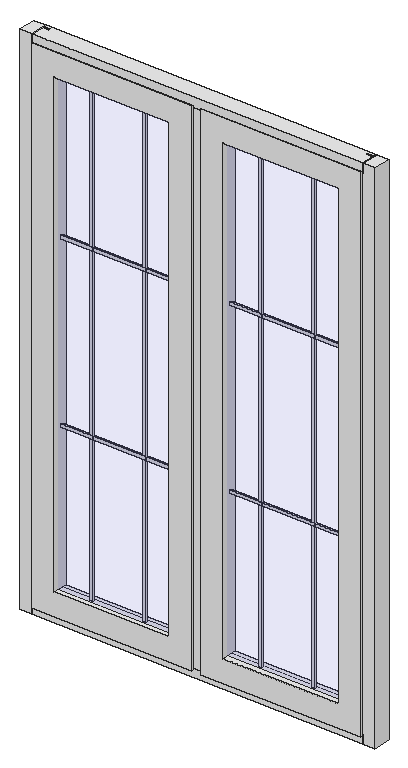
Revit family "Door_Curtain_Wall-Outswing-Traco-NX-8910-Double_Panel", category Curtain Panels, Revit 2015
Parameters (values of type "NX-8910 - Double_Panel")
  Water Resistance = 15.0000 psf
  Uniform Load Structural = 75.0000 psf
  Uniform Load Deflection = 50.0000 psf
  Product data url = "https://bimobject.com/kawneerna/product/89101"
  Product Page URL = "http://www.alcoa.com/traco/en/product.asp?cat_id=1912&prod_id=4259"
  Product Documentation Link = "http://www.alcoa.com/traco/en/cad_spec.asp?cat_id=1912&prod_id=4259&area=prod"
  Panel Width [instance] = (Door Width / 2) - 0' 3 1/4"  # 2' - 5.50106"
  Panel Material [instance] = Aluminum - Traco - Anodized - Gray
  Panel Height [instance] = Door Height - 0' 2 1/2"  # 7' - 9 1/2"
  Muntin Type = Muntin-Grid-Traco-Lites : Interior
  Has Muntins [instance] = yes
  Glass Material [instance] = Glass - Traco - Clear
  Frame Material [instance] = Aluminum - Traco - Anodized - Gray
  Door Width [instance] = if(CTRL Opening Width < Door Width Minimum, Door Width Minimum, if(CTRL Opening Width > Door Width Maximum, Door Width Maximum, CTRL Opening Width))  # 5' - 5.50212"
  Door Height [instance] = if(CTRL Opening Height < Door Height Minimum, Door Height Minimum, if(CTRL Opening Height > Door Height Maximum, Door Height Maximum, CTRL Opening Height))  # 8' - 0"
  Door Base = 0' - 1 1/8"
  Copyright © = "2011 Traco"  # constant formula
  CTRL Opening Width [instance] = 5' - 5.50212"
  URL = "http://www.alcoa.com/traco/en/home.asp"
  U Factor = "0.40*"
  Type Comments = "Outswing Two Panel"
  Test Size = "48\" X 96\""
  Model = "NX-8910"
  Manufacturer = "Traco"  # constant formula
  CTRL Opening Height [instance] = 8' - 0"
  Forced Entry Resistance = ""
  Door Width Minimum [instance] = 4' - 0"
  Door Width Maximum [instance] = 8' - 0"
  Door Swing Angle [instance] = 90.00°
  Door Height Minimum = 6' - 0"
  Door Height Maximum = 8' - 0"
  Designation = "AAMA/WDMA/CSA 101/I.S.2/A-440-05: HS-C50 And AAMA/WDMA/CSA 101/I.S.2/A-440-08:AW-PG50-ATD"
  Description = "2 Panel"
  Condensation Resistance = "48"
  Assembly Code = "B2020220"
  Allowable Air Infiltration Maximum = "0.1 @ 6.2 PSF"
Reference planes (in)
  plane 1 "Front": y = 0
  plane 2 "Bottom": z = 0
  plane 3 "Center (Left/Right)": x = 0
  plane 4 "Left": x = -32.75106
  plane 5 "Right": x = 32.75106
  plane 6 "Top": z = 96
  plane 7 "Door Base": z = 1.125
  plane 8: y = 1.25
  plane 9 "Left Panel Left": x = -30.50106
  plane 10 "Right Panel Right": x = 30.50106
  plane 11 "Stop Front": y = 2.5
  plane 12 "Left Panel Right": x = -0.875
  plane 13 "Right Panel Left": x = 0.875
Text (in)
  text "Exterior" at (-54.29358, -23.61257, 0), in view "Ref. Level"
  text "Exterior" at (480, 41.53993, 89.60405), in view "Right"
  text "Exterior" at (-240, 57.82419, 105.78864), in view "Left"
Dimensions and locks (in)
  equal spacing: plane 4 "Left", plane 3 "Center (Left/Right)", plane 5 "Right"
  "Door Base": plane 2 "Bottom" to plane 7 "Door Base"
  "CTRL Opening Width": plane 4 "Left" to plane 5 "Right"
  "CTRL Opening Height": plane 6 "Top" to plane 2 "Bottom"
  locked: plane 4 "Left" to plane 9 "Left Panel Left" at 2.25
  locked: plane 10 "Right Panel Right" to plane 5 "Right" at 2.25
  locked: plane 1 "Front" to plane 11 "Stop Front" at 2.5
  locked: plane 1 "Front" to plane 8 at 1.25
  locked: plane 3 "Center (Left/Right)" to plane 12 "Left Panel Right" at 0.875
  locked: plane 13 "Right Panel Left" to plane 3 "Center (Left/Right)" at 0.875
  aligned and locked: level to plane 2 "Bottom"
  aligned: nested 1 to nested 2
  aligned and locked: nested 1 to plane 7 "Door Base"
  aligned and locked: plane 7 "Door Base" to nested 1
  aligned and locked: plane 7 "Door Base" to nested 3
  aligned and locked: plane 3 "Center (Left/Right)" to nested 2
  aligned and locked: plane 7 "Door Base" to nested 4
  aligned and locked: plane 7 "Door Base" to nested 7
  aligned and locked: plane 7 "Door Base" to nested 5
  aligned and locked: plane 7 "Door Base" to nested 9
  aligned and locked: plane 7 "Door Base" to nested 10
  aligned and locked: plane 7 "Door Base" to nested 12
  aligned and locked: nested 9 to nested 3
  aligned and locked: nested 3 to nested 3
  aligned and locked: nested 11 to nested 3
  aligned and locked: nested 4 to nested 1
  aligned and locked: nested 1 to nested 8
  aligned and locked: nested 1 to nested 1
  aligned and locked: plane 1 "Front" to nested 2
  aligned: nested 1 to plane 9 "Left Panel Left"
  aligned and locked: plane 11 "Stop Front" to nested 1
  aligned: plane 10 "Right Panel Right" to nested 3
  aligned and locked: nested 3 to plane 11 "Stop Front"
  aligned and locked: plane 12 "Left Panel Right" to nested 1
  aligned and locked: nested 3 to plane 13 "Right Panel Left"
Nested families (in)
  nested 1: "Door-Glass_Panel-Traco-(TR-8910)" at (5.62394, 2.5, 1.125) x (-1, 0, 0) z (0, 0, 1), Width <- "Panel Width", Height <- "Panel Height", Panel Material <- "Panel Material", Glass Material <- "Glass Material", Angle <- "Door Swing Angle", type "S"
    with built-in parameter 1001301 2' - 5.50106", built-in parameter 1001302 0' - 2 3/4", Panel Offset 0' - 4 1/4", Panel Material Aluminum - Traco - Anodized - Gray, Panel Finish none, Hidden Swing Angle 90.00°, built-in parameter 1001300 7' - 9 1/2", Glazing Thickness 0' - 1", Glazing "Low E-Argon", Glass Material Glass - Traco - Clear, Elevation Swing yes, Angle 90.00°
  nested 2: "Door_Frame-Outswing-Traco-(NX-8910)-Double_Panel" at (-24, 1.625, 0), type "Standard Sill"
    with Door Width 5' - 5.50212"
  nested 3: "Door-Glass_Panel-Traco-(TR-8910)" at (-5.62394, 2.5, 1.125), Width <- "Panel Width", Height <- "Panel Height", Panel Material <- "Panel Material", Glass Material <- "Glass Material", Angle <- "Door Swing Angle", type "S"
    with built-in parameter 1001301 2' - 5.50106", built-in parameter 1001302 0' - 2 3/4", Panel Offset 0' - 4 1/4", Panel Material Aluminum - Traco - Anodized - Gray, Panel Finish none, Hidden Swing Angle 90.00°, built-in parameter 1001300 7' - 9 1/2", Glazing Thickness 0' - 1", Glazing "Low E-Argon", Glass Material Glass - Traco - Clear, Elevation Swing yes, Angle 90.00°
  nested 4: "Muntin-Grid-Traco-Lites" at (-15.62553, 1.25, 47.875) x (-1, 0, 0) z (0, -1, 0), type <- "Muntin Type", Sash Height <- "Panel Height", Length <- "Panel Width", visible <- "Has Muntins", type "Interior"
    with Sash Height 7' - 9 1/2", Material Aluminum - Traco - Anodized - Gray, Length 2' - 5.50106", Glazing Thickness 0' - 0 7/8", CTRL Muntin Vertical Distance 2' - 7.16667", CTRL Muntin Horizontal Distance 0' - 9.83369", CTRL Face Offset 0' - 0 1/4", CTRL Bar Vertical Visibility no, CTRL Bar Horizontal Visibility no, CTRL Array Vertical Visibility yes, CTRL Array Horizontal Visibility yes, Has Interior Muntins yes, Has Exterior Muntins no
  nested 5: "Muntin-Trapezoid-Traco-Single" at (-20.54237, 1.4375, 47.875) x (0, 0, -1) z (0, -1, 0), type "Standard Colonial"
    with Material Aluminum - Traco - Anodized - Gray, Length 7' - 9 1/2", Width Top 0' - 0 9/16", Width Base 0' - 0 9/16", Height 0' - 0 5/16"
  nested 6: "Muntin-Trapezoid-Traco-Single" at (-15.62553, 1.4375, 63.45833) x (1, 0, 0) z (0, -1, 0), type "Standard Colonial"
    with Material Aluminum - Traco - Anodized - Gray, Length 2' - 5.50106", Width Top 0' - 0 9/16", Width Base 0' - 0 9/16", Height 0' - 0 5/16"
  nested 7: "Muntin-Trapezoid-Traco-Single" at (-10.70869, 1.4375, 47.875) x (0, 0, -1) z (0, -1, 0), type "Standard Colonial"
    with Material Aluminum - Traco - Anodized - Gray, Length 7' - 9 1/2", Width Top 0' - 0 9/16", Width Base 0' - 0 9/16", Height 0' - 0 5/16"
  nested 8: "Muntin-Trapezoid-Traco-Single" at (-15.62553, 1.4375, 32.29167) x (1, 0, 0) z (0, -1, 0), type "Standard Colonial"
    with Material Aluminum - Traco - Anodized - Gray, Length 2' - 5.50106", Width Top 0' - 0 9/16", Width Base 0' - 0 9/16", Height 0' - 0 5/16"
  nested 9: "Muntin-Grid-Traco-Lites" at (15.62553, 1.25, 47.875) x (-1, 0, 0) z (0, -1, 0), type <- "Muntin Type", Sash Height <- "Panel Height", Length <- "Panel Width", visible <- "Has Muntins", type "Interior"
    with Sash Height 7' - 9 1/2", Material Aluminum - Traco - Anodized - Gray, Length 2' - 5.50106", Glazing Thickness 0' - 0 7/8", CTRL Muntin Vertical Distance 2' - 7.16667", CTRL Muntin Horizontal Distance 0' - 9.83369", CTRL Face Offset 0' - 0 1/4", CTRL Bar Vertical Visibility no, CTRL Bar Horizontal Visibility no, CTRL Array Vertical Visibility yes, CTRL Array Horizontal Visibility yes, Has Interior Muntins yes, Has Exterior Muntins no
  nested 10: "Muntin-Trapezoid-Traco-Single" at (10.70869, 1.4375, 47.875) x (0, 0, -1) z (0, -1, 0), type "Standard Colonial"
    with Material Aluminum - Traco - Anodized - Gray, Length 7' - 9 1/2", Width Top 0' - 0 9/16", Width Base 0' - 0 9/16", Height 0' - 0 5/16"
  nested 11: "Muntin-Trapezoid-Traco-Single" at (15.62553, 1.4375, 63.45833) x (1, 0, 0) z (0, -1, 0), type "Standard Colonial"
    with Material Aluminum - Traco - Anodized - Gray, Length 2' - 5.50106", Width Top 0' - 0 9/16", Width Base 0' - 0 9/16", Height 0' - 0 5/16"
  nested 12: "Muntin-Trapezoid-Traco-Single" at (20.54237, 1.4375, 47.875) x (0, 0, -1) z (0, -1, 0), type "Standard Colonial"
    with Material Aluminum - Traco - Anodized - Gray, Length 7' - 9 1/2", Width Top 0' - 0 9/16", Width Base 0' - 0 9/16", Height 0' - 0 5/16"
  nested 13: "Muntin-Trapezoid-Traco-Single" at (15.62553, 1.4375, 32.29167) x (1, 0, 0) z (0, -1, 0), type "Standard Colonial"
    with Material Aluminum - Traco - Anodized - Gray, Length 2' - 5.50106", Width Top 0' - 0 9/16", Width Base 0' - 0 9/16", Height 0' - 0 5/16"
Definition of nested family "Door-Glass_Panel-Traco-(TR-8910)"
  Parameters
    Width [instance] = 3' - 0"
    Visible Light Transmission = 0
    URL = "www.integratedcontentsolutions.com"
    U Value = 0
    Type Comments = "Panel theory and model developed by Integrated Content Solutions"  # constant formula
    Thickness [instance] = 0' - 2 3/4"
    Stile Right = 0' - 4 1/8"
    Stile Left = 0' - 4 1/8"
    Solar Heat Gain Coefficient = 0
    Rail Head = 0' - 4 1/8"
    Rail Bottom = 0' - 4 1/8"
    R Value = 0
    Product Documentation Link = "www.integratedcontentsolutions.com"
    Panel Offset [instance] = 0' - 4 1/4"
    Panel Material [instance] = none
    Panel Finish [instance] = none
    Manufacturer = "Integrated Content Solutions"  # constant formula
    LEED Credit = ""
    Hidden Swing Angle [instance] = 90.00°
    Height [instance] = 7' - 0"
    Glazing Thickness [instance] = 0' - 1"
    Glazing [instance] = "Low E-Argon"
    Glass Material [instance] = none
    Function = 1
    Energy Star Zone = ""
    Elevation Swing [instance] = yes
    Copyright © = "Integrated Content Solutions © 2009"  # constant formula
    Assembly Code = "C1020110"
    Appear In Schedule = 0 = 1  # no
    Angle [instance] = 90.00°
    Air Leakage = 0
  Reference planes (in)
    plane 1 "Exterior": y = 0
    plane 2 "Bottom": z = 0
    plane 3 "Strike": x = 0
    plane 4 "Interior": y = -2.75
    plane 5 "Hinge": x = 36
    plane 6 "Top": z = 84
    plane 7 "Panel Center of Thickness": y = -1.375
    plane 8 "Panel Left": x = 4.125
    plane 9 "Panel Right": x = 31.875
    plane 10 "Panel Top": z = 79.875
    plane 11 "Panel Bottom": z = 4.125
    plane 12 "Glass Exterior": y = -0.875
    plane 13 "Glass Interior": y = -1.875
    plane 14 "Center L_R": x = 18
  Forms (in)
    Extrusion 1, solid, material <- "Panel Material"
      sketch origin (0, 0, 0) x (1, 0, 0) y (0, 0, 1)
        loop
          line (0, 84) -> (0, 0) -> (36, 0) -> (36, 84) -> (0, 84)
        loop
          line (4.125, 79.875) -> (4.125, 4.125) -> (31.875, 4.125) -> (31.875, 79.875) -> (4.125, 79.875)
      from 0 to 2.75
    Extrusion 2, solid, material <- "Glass Material"
      sketch origin (0, 0, 0) x (1, 0, 0) y (0, 0, -1)
        loop
          line (4.125, -79.875) -> (31.875, -79.875) -> (31.875, -4.125) -> (4.125, -4.125) -> (4.125, -79.875)
      from -1.875 to -0.875
  Lines and regions (in)
    Masking region 1
      outline origin (0, -1.375, 0) x (-1, 0, 0) y (0, 0, 1)
        loop
          line (0, 0) -> (0, 84) -> (-36, 84) -> (-36, 0) -> (0, 0)
        loop
          line (-4.125, 4.125) -> (-4.125, 79.875) -> (-31.875, 79.875) -> (-31.875, 4.125) -> (-4.125, 4.125)
    symbolic lines
      curve 1: line (4.125, -1.375, 4.125) -> (31.875, -1.375, 4.125)
      curve 2: line (4.125, -1.375, 79.875) -> (4.125, -1.375, 4.125)
      curve 3: line (31.875, -1.375, 79.875) -> (4.125, -1.375, 79.875)
      curve 4: line (31.875, -1.375, 4.125) -> (31.875, -1.375, 79.875)
  Dimensions and locks (in)
    "Width": plane 3 "Strike" to plane 5 "Hinge"
    "Thickness": plane 4 "Interior" to plane 1 "Exterior"
    "Height": plane 6 "Top" to plane 2 "Bottom"
    equal spacing: plane 4 "Interior", plane 7 "Panel Center of Thickness", plane 1 "Exterior"
    "Stile Left": plane 8 "Panel Left" to plane 3 "Strike"
    "Stile Right": plane 5 "Hinge" to plane 9 "Panel Right"
    "Rail Bottom": plane 11 "Panel Bottom" to plane 2 "Bottom"
    "Rail Head": plane 6 "Top" to plane 10 "Panel Top"
    equal spacing: plane 13 "Glass Interior", plane 7 "Panel Center of Thickness", plane 12 "Glass Exterior"
    "Glazing Thickness": plane 13 "Glass Interior" to plane 12 "Glass Exterior"
    equal spacing: plane 5 "Hinge", plane 14 "Center L_R", plane 3 "Strike"
    aligned and locked: plane 3 "Strike" to Extrusion 1 sketch curve
    aligned and locked: Extrusion 1 sketch curve to plane 6 "Top"
    aligned and locked: level to Extrusion 1 sketch curve
    aligned and locked: Extrusion 1 sketch curve to plane 5 "Hinge"
    aligned and locked: Extrusion 1 to plane 1 "Exterior"
    aligned and locked: plane 4 "Interior" to Extrusion 1
    aligned and locked: level to plane 2 "Bottom"
    aligned and locked: plane 8 "Panel Left" to Extrusion 1 sketch curve
    aligned and locked: Extrusion 1 sketch curve to plane 10 "Panel Top"
    aligned and locked: plane 11 "Panel Bottom" to Extrusion 1 sketch curve
    aligned and locked: Extrusion 1 sketch curve to plane 9 "Panel Right"
    aligned and locked: Extrusion 2 to plane 13 "Glass Interior"
    aligned and locked: plane 12 "Glass Exterior" to Extrusion 2
    aligned and locked: plane 6 "Top" to Masking region 1 sketch curve
    aligned and locked: Masking region 1 sketch curve to plane 3 "Strike"
    aligned and locked: plane 5 "Hinge" to Masking region 1 sketch curve
    aligned and locked: Masking region 1 sketch curve to plane 2 "Bottom"
    aligned and locked: curve 2 to plane 8 "Panel Left"
    aligned and locked: plane 10 "Panel Top" to curve 3
    aligned and locked: plane 9 "Panel Right" to curve 4
    aligned and locked: curve 1 to plane 11 "Panel Bottom"
    aligned and locked: plane 4 "Interior" to nested 1
    aligned and locked: Extrusion 2 to plane 8 "Panel Left"
    aligned and locked: plane 9 "Panel Right" to Extrusion 2
    aligned and locked: plane 10 "Panel Top" to Masking region 1 sketch curve
    aligned and locked: Masking region 1 sketch curve to plane 8 "Panel Left"
    aligned and locked: plane 9 "Panel Right" to Masking region 1 sketch curve
    aligned and locked: Masking region 1 sketch curve to plane 11 "Panel Bottom"
    aligned and locked: Extrusion 2 sketch curve to plane 10 "Panel Top"
    aligned and locked: Extrusion 2 sketch curve to plane 9 "Panel Right"
    aligned and locked: plane 8 "Panel Left" to Extrusion 2 sketch curve
    aligned and locked: plane 11 "Panel Bottom" to Extrusion 2 sketch curve
  Nested families (in)
    nested 1: "Plan Swing" at (0, -2.75, 0), Width <- "Width", Thickness <- "Thickness", Height <- "Height", Angle <- "Angle", Elevation Swing Visibility <- "Elevation Swing", Hidden Swing Angle <- "Hidden Swing Angle", type "Plan Swing"
      with Width 3' - 0", Thickness 0' - 2 3/4", Slide Indicator Visbility no, Plan Swing Visibility yes, Hidden Swing Visibility no, Hidden Swing Angle 90.00°, Hidden Angle CTRL 90.00°, Height 7' - 0", Elevation Swing Visibility yes, Closed Panel Visaibilty no, Angle CTRL 90.00°, Angle 90.00°
  Definition of nested family "Plan Swing"
    Parameters
      Width [instance] = 3' - 0"
      URL = "www.integratedcontentsolutions.com"
      Type Comments = "Swing graphics developed by Integrated Content Solutions"  # constant formula
      Thickness [instance] = 0' - 2"
      Slide Indicator Visbility [instance] = no
      Plan Swing Visibility [instance] = Angle > 0.00°  # yes
      Manufacturer = "Integrated Content Solutions"  # constant formula
      Hidden Swing Visibility [instance] = yes
      Hidden Swing Angle [instance] = 90.00°
      Hidden Angle CTRL [instance] = if(Hidden Swing Angle < 5.00°, 5.00°, if(Hidden Swing Angle > 175.00°, 175.00°, Hidden Swing Angle))  # 90.00°
      Height [instance] = 7' - 0"
      Elevation Swing Visibility [instance] = yes
      Copyright © = "Integrated Content Solutions © 2009"  # constant formula
      Closed Panel Visaibilty [instance] = Angle = 0.00°  # no
      Assembly Code = ""
      Angle CTRL [instance] = if(Angle < 5.00°, 5.00°, if(Angle > 175.00°, 175.00°, Angle))  # 45.00°
      Angle [instance] = 45.00°
    Reference planes (in)
      plane 1 "Exterior": y = 0
      plane 2 "Bottom": z = 0
      plane 3 "Strike": x = 0
      plane 4 "Hinge": x = 36
      plane 5 "Top": z = 84
      plane 6 "Interior": y = -2
    Lines and regions (in)
      model lines
        curve 1: line (0, 0, 0) -> (0, -2, 0)
        curve 2: line (36, -2, 0) -> (36, 0, 0)
      symbolic lines, visible <- "Plan Swing Visibility"
        curve 3: line (36, 0, 0) -> (10.54416, 25.45584, 0)
        curve 4: line (10.54416, 25.45584, 0) -> (9.12994, 24.04163, 0)
        curve 5: line (9.12994, 24.04163, 0) -> (34.58579, -1.41421, 0)
        curve 6: line (34.58579, -1.41421, 0) -> (36, 0, 0)
        curve 13: arc (10.54416, 25.45584, 0) -> (2.74034, 13.7766, 0) -> (0, 0, 0) r 36
      symbolic lines, visible <- "Elevation Swing Visibility"
        curve 7: line (0, -2, 84) -> (36, -2, 42)
        curve 8: line (36, -2, 42) -> (0, -2, 0)
      symbolic lines, visible <- "Hidden Swing Visibility"
        curve 9: line (36, 0, 0) -> (36, 36, 0)
        curve 10: line (36, 36, 0) -> (34, 36, 0)
        curve 11: line (34, 36, 0) -> (34, 0, 0)
        curve 12: line (34, 0, 0) -> (36, 0, 0)
        curve 18: arc (0, 0, 0) -> (10.54416, 25.45584, 0) -> (36, 36, 0) r 36
      symbolic lines, visible <- "Closed Panel Visaibilty"
        curve 14: line (0, 0, 0) -> (36, 0, 0)
        curve 15: line (0, -2, 0) -> (0, 0, 0)
        curve 16: line (36, -2, 0) -> (0, -2, 0)
        curve 17: line (36, 0, 0) -> (36, -2, 0)
      symbolic lines, visible <- "Slide Indicator Visbility"
        curve 19: line (18, -2, 42.16893) -> (15.87868, -2, 44.29025)
        curve 20: line (18, -2, 42.16893) -> (15.87868, -2, 40.04761)
        curve 21: line (18, -2, 42.16893) -> (9, -2, 42.16893)
    Dimensions and locks (in)
      "Width": plane 3 "Strike" to plane 4 "Hinge"
      "Height": plane 5 "Top" to plane 2 "Bottom"
      equal spacing: plane 5 "Top", curve 8, plane 2 "Bottom"
      "Thickness": plane 6 "Interior" to plane 1 "Exterior"
      "Thickness": curve 3 to curve 5
      "Width": curve 6 to curve 4
      "Width": curve 9 to curve 9
      "Thickness": curve 9 to curve 11
      locked: curve 21 to curve 21 at 9
      equal spacing: plane 4 "Hinge", curve 21, plane 3 "Strike"
      locked: curve 3 to curve 6 (angle 90.00°)
      locked: curve 5 to curve 6 (angle 90.00°)
      locked: curve 4 to curve 3 (angle 90.00°)
      locked: curve 9 to curve 12 (angle 90.00°)
      locked: curve 11 to curve 12 (angle 90.00°)
      locked: curve 10 to curve 9 (angle 90.00°)
      "Hidden Angle CTRL": angle curve 9 to plane 1 "Exterior"
      "Angle CTRL": angle curve 3 to plane 1 "Exterior"
      aligned and locked: plane 2 "Bottom" to level
      aligned and locked: plane 1 "Exterior" to curve 2
      aligned and locked: plane 4 "Hinge" to curve 2
      aligned and locked: plane 6 "Interior" to curve 1
      aligned and locked: plane 6 "Interior" to curve 2
      aligned and locked: plane 4 "Hinge" to curve 9
      aligned and locked: curve 1 to plane 3 "Strike"
      aligned and locked: plane 3 "Strike" to curve 15
      aligned and locked: plane 1 "Exterior" to curve 14
    Automatic sketch dimensions
      curve 8 to level = 0' - 0"
      curve 8 to plane 3 "Strike" = 0' - 0"
      curve 7 to plane 3 "Strike" = 0' - 0"
      curve 7 to plane 4 "Hinge" = 0' - 0"
      curve 7 to plane 5 "Top" = 0' - 0"
      curve 19 to curve 20 = 0' - 0"
      curve 20 to curve 20 = 0' - 2.12132"
      curve 20 to curve 7 = 0' - 1.95239"
      curve 20 to curve 19 = 0' - 2.12132"
Definition of nested family "Door_Frame-Outswing-Traco-(NX-8910)-Double_Panel"
  Parameters
    Transom Height = 2' - 0"
    Mullion Thickness = 0' - 2 3/4"
    Jamb Thickness = 0' - 2 1/4"
    Head Thickness = 0' - 1 3/4"
    Frame Material = none
    Frame Depth = 0' - 3 1/4"
    Door Width = 4' - 0"
    Door Height = 8' - 0"
    Assembly Code = ""
  Reference planes (in)
    plane 1 "Center (Front/Back)": y = 0
    plane 2 "Bottom": z = 0
    plane 3 "Center (Left/Right)": x = 24
    plane 4 "Exterior": y = 1.625
    plane 5 "Interior": y = -1.625
    plane 6 "Left": x = 0
    plane 7 "Top": z = 96
    plane 8 "Inside Frame Left Side": x = 2.25
    plane 9 "Inside Frame Right Side": x = 45.75
    plane 10 "Top Inset": z = 94.25
    plane 11 "Bottom Inset": z = 1.5
    plane 12 "Right": x = 48
    plane 13 "Mullion Left Side": x = 22.625
    plane 14 "Mullion Right Side": x = 25.375
    plane 15 "Left Panel Left": x = 3.375
    plane 16 "Right Panel Right": x = 44.625
    plane 17 "Panel Top": z = 93.125
    plane 18 "Panel Bottom": z = 2.4375
    plane 19 "Stop Back": y = 1
    plane 20 "Stop Front": y = 0.875
    plane 21 "Left Jamb Right": x = 23.125
    plane 22 "Right Jamb Left": x = 24.875
  Forms (in)
    Extrusion 1, solid, material <- "Frame Material"
      sketch origin (24, 0, 0) x (0, 1, 0) y (0, 0, 1)
        loop
          line (1.625, 0) -> (1.625, 2) -> (0.875, 2.4375) -> (0.875, 1.5) -> (-1.625, 1.5) -> (-1.625, 0) -> (1.625, 0)
      from -21.75 to 21.75
    Extrusion 2, solid, material <- "Frame Material"
      sketch origin (0, 0, 0) x (1, 0, 0) y (0, 1, 0)
        loop
          line (0, -1.625) -> (2.25, -1.625) -> (2.25, 0.875) -> (3.375, 0.875) -> (3.375, 1) -> (2.25, 1) -> (2.25, 1.625) -> (0, 1.625) -> (0, -1.625)
        loop
          line (48, -1.625) -> (48, 1.625) -> (45.75, 1.625) -> (45.75, 1) -> (44.625, 1) -> (44.625, 0.875) -> (45.75, 0.875) -> (45.75, -1.625) -> (48, -1.625)
      from 0 to 96
    Extrusion 3, solid, material <- "Frame Material"
      sketch origin (0, 0, 0) x (1, 0, 0) y (0, 1, 0)
        loop
          line (23.125, -1.625) -> (24.875, -1.625) -> (24.875, 0.875) -> (25.375, 0.875) -> (25.375, 1) -> (22.625, 1) -> (22.625, 0.875) -> (23.125, 0.875) -> (23.125, -1.625)
      from 1.5 to 94.25
    Extrusion 4, solid, material <- "Frame Material"
      sketch origin (0.2506, 0, -24) x (0, 1, 0) y (0, 0, 1)
        loop
          line (-1.625, 120) -> (-1.625, 118.25) -> (0.875, 118.25) -> (0.875, 117.125) -> (1, 117.125) -> (1, 118.25) -> (1.625, 118.25) -> (1.625, 120) -> (-1.625, 120)
      from 1.9994 to 45.4994
  Lines and regions (in)
    Masking region 1
      outline origin (0, 0, 96) x (-1, 0, 0) y (0, -1, 0)
        loop
          line (0, 1.625) -> (-48, 1.625) -> (-48, -1.625) -> (0, -1.625) -> (0, 1.625)
    Masking region 2
      outline origin (0, 0, 0) x (1, 0, 0) y (0, 0, 1)
        loop
          line (0, 0) -> (48, 0) -> (48, 96) -> (0, 96) -> (0, 0)
        loop
          line (3.375, 2.4375) -> (22.625, 2.4375) -> (22.625, 93.125) -> (3.375, 93.125) -> (3.375, 2.4375)
        loop
          line (25.375, 93.125) -> (25.375, 2.4375) -> (44.625, 2.4375) -> (44.625, 93.125) -> (25.375, 93.125)
    Masking region 3
      outline origin (24, 0, 0) x (0, 1, 0) y (0, 0, 1)
        loop
          line (-1.625, 0) -> (1.625, 0) -> (1.625, 96) -> (-1.625, 96) -> (-1.625, 0)
    symbolic lines, detail levels medium+fine
      curve 1: line (2.25, -1.625, 96) -> (2.25, 0.875, 96)
      curve 2: line (2.25, 0.875, 96) -> (3.375, 0.875, 96)
      curve 3: line (3.375, 0.875, 96) -> (3.375, 1, 96)
      curve 4: line (3.375, 1, 96) -> (2.25, 1, 96)
      curve 5: line (2.25, 1, 96) -> (2.25, 1.625, 96)
      curve 6: line (23.125, -1.625, 96) -> (23.125, 0.875, 96)
      curve 7: line (23.125, 0.875, 96) -> (22.625, 0.875, 96)
      curve 8: line (22.625, 0.875, 96) -> (22.625, 1, 96)
      curve 9: line (22.625, 1, 96) -> (25.375, 1, 96)
      curve 10: line (25.375, 1, 96) -> (25.375, 0.875, 96)
      curve 11: line (25.375, 0.875, 96) -> (24.875, 0.875, 96)
      curve 12: line (24.875, 0.875, 96) -> (24.875, -1.625, 96)
      curve 13: line (45.75, 1.625, 96) -> (45.75, 1, 96)
      curve 14: line (45.75, 1, 96) -> (44.625, 1, 96)
      curve 15: line (44.625, 1, 96) -> (44.625, 0.875, 96)
      curve 16: line (44.625, 0.875, 96) -> (45.75, 0.875, 96)
      curve 17: line (45.75, 0.875, 96) -> (45.75, -1.625, 96)
      curve 18: line (2.25, -1.625, 1.5) -> (45.75, -1.625, 1.5)
      curve 19: line (44.625, -1.625, 1.5) -> (44.625, -1.625, 2.4375)
      curve 20: line (44.625, -1.625, 2.4375) -> (45.75, -1.625, 2.4375)
      curve 21: line (22.625, -1.625, 1.5) -> (22.625, -1.625, 2.4375)
      curve 22: line (22.625, -1.625, 2.4375) -> (23.125, -1.625, 2.4375)
      curve 23: line (25.375, -1.625, 2.4375) -> (24.875, -1.625, 2.4375)
      curve 24: line (25.375, -1.625, 1.5) -> (25.375, -1.625, 2.4375)
      curve 25: line (24.875, -1.625, 1.5) -> (24.875, -1.625, 94.25)
      curve 26: line (23.125, -1.625, 94.25) -> (23.125, -1.625, 1.5)
      curve 27: line (24.875, -1.625, 93.125) -> (25.375, -1.625, 93.125)
      curve 28: line (25.375, -1.625, 93.125) -> (25.375, -1.625, 94.25)
      curve 29: line (23.125, -1.625, 93.125) -> (22.625, -1.625, 93.125)
      curve 30: line (22.625, -1.625, 93.125) -> (22.625, -1.625, 94.25)
      curve 31: line (2.25, -1.625, 94.25) -> (45.75, -1.625, 94.25)
      curve 32: line (44.625, -1.625, 94.25) -> (44.625, -1.625, 93.125)
      curve 33: line (44.625, -1.625, 93.125) -> (45.75, -1.625, 93.125)
      curve 34: line (45.75, -1.625, 96) -> (45.75, -1.625, 0)
      curve 35: line (2.25, -1.625, 0) -> (2.25, -1.625, 96)
      curve 36: line (3.375, -1.625, 93.125) -> (3.375, -1.625, 94.25)
      curve 37: line (2.25, -1.625, 93.125) -> (3.375, -1.625, 93.125)
      curve 38: line (2.25, -1.625, 2.4375) -> (3.375, -1.625, 2.4375)
      curve 39: line (3.375, -1.625, 2.4375) -> (3.375, -1.625, 1.5)
      curve 40: line (2.25, 1.625, 96) -> (2.25, 1.625, 0)
      curve 41: line (45.75, 1.625, 0) -> (45.75, 1.625, 96)
      curve 42: line (45.75, 1.625, 94.25) -> (2.25, 1.625, 94.25)
      curve 43: line (3.375, 1.625, 94.25) -> (3.375, 1.625, 93.125)
      curve 44: line (2.25, 1.625, 93.125) -> (3.375, 1.625, 93.125)
      curve 45: line (22.625, 1.625, 94.25) -> (22.625, 1.625, 93.125)
      curve 46: line (22.625, 1.625, 93.125) -> (23.125, 1.625, 93.125)
      curve 47: line (24.875, 1.625, 93.125) -> (25.375, 1.625, 93.125)
      curve 48: line (25.375, 1.625, 93.125) -> (25.375, 1.625, 94.25)
      curve 49: line (23.125, 1.625, 94.25) -> (23.125, 1.625, 1.5)
      curve 50: line (24.875, 1.625, 1.5) -> (24.875, 1.625, 94.25)
      curve 51: line (44.625, 1.625, 93.125) -> (44.625, 1.625, 94.25)
      curve 52: line (44.625, 1.625, 93.125) -> (45.75, 1.625, 93.125)
      curve 53: line (2.25, 1.625, 2.4375) -> (3.375, 1.625, 2.4375)
      curve 54: line (3.375, 1.625, 1.5) -> (3.375, 1.625, 2.4375)
      curve 55: line (2.25, 1.625, 1.5) -> (45.75, 1.625, 1.5)
      curve 56: line (44.625, 1.625, 1.5) -> (44.625, 1.625, 2.4375)
      curve 57: line (44.625, 1.625, 2.4375) -> (45.75, 1.625, 2.4375)
      curve 58: line (24.875, 1.625, 2.4375) -> (25.375, 1.625, 2.4375)
      curve 59: line (25.375, 1.625, 2.4375) -> (25.375, 1.625, 1.5)
      curve 60: line (22.625, 1.625, 2.4375) -> (23.125, 1.625, 2.4375)
      curve 61: line (22.625, 1.625, 2.4375) -> (22.625, 1.625, 1.5)
  Dimensions and locks (in)
    equal spacing: plane 4 "Exterior", plane 1 "Center (Front/Back)", plane 5 "Interior"
    "Frame Depth": plane 4 "Exterior" to plane 5 "Interior"
    "Head Thickness": plane 7 "Top" to plane 10 "Top Inset"
    "Jamb Thickness": plane 6 "Left" to plane 8 "Inside Frame Left Side"
    "Door Height": plane 7 "Top" to plane 2 "Bottom"
    locked: plane 11 "Bottom Inset" to plane 2 "Bottom" at 1.5
    equal spacing: plane 6 "Left", plane 3 "Center (Left/Right)", plane 12 "Right"
    "Door Width": plane 12 "Right" to plane 6 "Left"
    "Jamb Thickness": plane 12 "Right" to plane 9 "Inside Frame Right Side"
    equal spacing: plane 13 "Mullion Left Side", plane 3 "Center (Left/Right)", plane 14 "Mullion Right Side"
    "Mullion Thickness": plane 13 "Mullion Left Side" to plane 14 "Mullion Right Side"
    locked: plane 18 "Panel Bottom" to plane 2 "Bottom" at 2.4375
    locked: plane 10 "Top Inset" to plane 17 "Panel Top" at 1.125
    locked: plane 8 "Inside Frame Left Side" to plane 15 "Left Panel Left" at 1.125
    locked: plane 16 "Right Panel Right" to plane 9 "Inside Frame Right Side" at 1.125
    locked: plane 1 "Center (Front/Back)" to plane 20 "Stop Front" at 0.875
    locked: plane 1 "Center (Front/Back)" to plane 19 "Stop Back" at 1
    locked: plane 13 "Mullion Left Side" to plane 21 "Left Jamb Right" at 0.5
    locked: plane 22 "Right Jamb Left" to plane 14 "Mullion Right Side" at 0.5
    aligned and locked: level to plane 2 "Bottom"
    aligned and locked: plane 8 "Inside Frame Left Side" to Extrusion 1
    aligned and locked: Extrusion 1 to plane 9 "Inside Frame Right Side"
    aligned: plane 7 "Top" to Extrusion 2
    aligned and locked: plane 10 "Top Inset" to Extrusion 3
    aligned and locked: plane 8 "Inside Frame Left Side" to Extrusion 4
    aligned and locked: Extrusion 4 to plane 9 "Inside Frame Right Side"
    aligned and locked: plane 7 "Top" to Extrusion 2
    aligned: Extrusion 4 to plane 7 "Top"
    aligned and locked: Extrusion 4 to plane 8 "Inside Frame Left Side"
    aligned and locked: plane 9 "Inside Frame Right Side" to Extrusion 4
    aligned and locked: Extrusion 3 to plane 11 "Bottom Inset"
    aligned and locked: Extrusion 3 to plane 10 "Top Inset"
    aligned and locked: plane 6 "Left" to Masking region 1 sketch curve
    aligned and locked: plane 4 "Exterior" to Masking region 1 sketch curve
    aligned and locked: plane 5 "Interior" to Masking region 1 sketch curve
    aligned and locked: plane 12 "Right" to Masking region 1 sketch curve
    aligned and locked: Extrusion 2 to plane 8 "Inside Frame Left Side"  (x2)
    aligned and locked: plane 19 "Stop Back" to Extrusion 2
    aligned and locked: curve 5 to plane 8 "Inside Frame Left Side"
    aligned and locked: plane 19 "Stop Back" to curve 4
    aligned and locked: curve 3 to plane 15 "Left Panel Left"
    aligned and locked: curve 2 to plane 20 "Stop Front"
    aligned and locked: curve 1 to plane 8 "Inside Frame Left Side"
    aligned and locked: plane 9 "Inside Frame Right Side" to curve 13
    aligned and locked: plane 16 "Right Panel Right" to curve 15
    aligned and locked: curve 16 to plane 20 "Stop Front"
    aligned and locked: plane 9 "Inside Frame Right Side" to curve 17
    aligned and locked: plane 19 "Stop Back" to Extrusion 3
    aligned and locked: plane 13 "Mullion Left Side" to Extrusion 3
    aligned and locked: curve 9 to plane 19 "Stop Back"
    aligned and locked: curve 8 to plane 13 "Mullion Left Side"
    aligned and locked: Extrusion 3 to plane 14 "Mullion Right Side"
    aligned and locked: Extrusion 3 to plane 20 "Stop Front"  (x2)
    aligned and locked: Extrusion 3 to plane 22 "Right Jamb Left"
    aligned and locked: plane 5 "Interior" to Extrusion 3
    aligned and locked: plane 21 "Left Jamb Right" to Extrusion 3
    aligned and locked: plane 4 "Exterior" to Extrusion 2
    aligned and locked: plane 5 "Interior" to Extrusion 2
    aligned and locked: plane 12 "Right" to Extrusion 2
    aligned and locked: plane 9 "Inside Frame Right Side" to Extrusion 2  (x2)
    aligned and locked: plane 19 "Stop Back" to curve 14
    aligned and locked: plane 22 "Right Jamb Left" to curve 12
    aligned and locked: plane 20 "Stop Front" to curve 11
    aligned and locked: plane 14 "Mullion Right Side" to curve 10
    aligned and locked: plane 20 "Stop Front" to curve 7
    aligned and locked: curve 6 to plane 21 "Left Jamb Right"
    aligned and locked: plane 7 "Top" to Masking region 2 sketch curve
    aligned and locked: plane 12 "Right" to Masking region 2 sketch curve
    aligned and locked: plane 6 "Left" to Masking region 2 sketch curve
    aligned and locked: Masking region 2 sketch curve to plane 2 "Bottom"
    aligned and locked: Masking region 2 sketch curve to plane 18 "Panel Bottom"
    aligned and locked: plane 15 "Left Panel Left" to Masking region 2 sketch curve
    aligned and locked: Masking region 2 sketch curve to plane 13 "Mullion Left Side"
    aligned and locked: Masking region 2 sketch curve to plane 14 "Mullion Right Side"
    aligned and locked: plane 18 "Panel Bottom" to Masking region 2 sketch curve
    aligned and locked: plane 16 "Right Panel Right" to Masking region 2 sketch curve
    aligned and locked: plane 17 "Panel Top" to Masking region 2 sketch curve
    aligned and locked: Masking region 2 sketch curve to plane 17 "Panel Top"
    aligned and locked: curve 37 to plane 17 "Panel Top"
    aligned and locked: curve 36 to plane 15 "Left Panel Left"
    aligned and locked: curve 31 to plane 10 "Top Inset"
    aligned and locked: curve 30 to plane 13 "Mullion Left Side"
    aligned and locked: plane 21 "Left Jamb Right" to curve 26
    aligned and locked: plane 17 "Panel Top" to curve 29
    aligned and locked: curve 27 to plane 17 "Panel Top"
    aligned and locked: curve 28 to plane 14 "Mullion Right Side"
    aligned and locked: curve 25 to plane 22 "Right Jamb Left"
    aligned and locked: plane 16 "Right Panel Right" to curve 32
    aligned and locked: plane 9 "Inside Frame Right Side" to curve 34
    aligned and locked: curve 33 to plane 17 "Panel Top"
    aligned and locked: curve 38 to plane 18 "Panel Bottom"
    aligned and locked: plane 15 "Left Panel Left" to curve 39
    aligned and locked: curve 18 to plane 11 "Bottom Inset"
    aligned and locked: curve 35 to plane 8 "Inside Frame Left Side"
    aligned and locked: curve 21 to plane 13 "Mullion Left Side"
    aligned and locked: curve 24 to plane 14 "Mullion Right Side"
    aligned and locked: plane 18 "Panel Bottom" to curve 23
    aligned and locked: curve 22 to plane 18 "Panel Bottom"
    aligned and locked: curve 19 to plane 16 "Right Panel Right"
    aligned and locked: curve 20 to plane 18 "Panel Bottom"
    aligned and locked: plane 10 "Top Inset" to curve 42
    aligned and locked: plane 15 "Left Panel Left" to curve 43
    aligned and locked: curve 44 to plane 17 "Panel Top"
    aligned and locked: plane 8 "Inside Frame Left Side" to curve 40
    aligned and locked: plane 13 "Mullion Left Side" to curve 45
    aligned and locked: curve 46 to plane 17 "Panel Top"
    aligned and locked: plane 21 "Left Jamb Right" to curve 49
    aligned and locked: curve 50 to plane 22 "Right Jamb Left"
    aligned and locked: curve 47 to plane 17 "Panel Top"
    aligned and locked: curve 48 to plane 14 "Mullion Right Side"
    aligned and locked: curve 52 to plane 17 "Panel Top"
    aligned and locked: curve 51 to plane 16 "Right Panel Right"
    aligned and locked: curve 41 to plane 9 "Inside Frame Right Side"
    aligned and locked: curve 57 to plane 18 "Panel Bottom"
    aligned and locked: curve 56 to plane 16 "Right Panel Right"
    aligned and locked: curve 55 to plane 11 "Bottom Inset"
    aligned and locked: plane 14 "Mullion Right Side" to curve 59
    aligned and locked: curve 58 to plane 18 "Panel Bottom"
    aligned and locked: plane 13 "Mullion Left Side" to curve 61
    aligned and locked: curve 60 to plane 18 "Panel Bottom"
    aligned and locked: curve 54 to plane 15 "Left Panel Left"
    aligned and locked: curve 53 to plane 18 "Panel Bottom"
    aligned and locked: plane 7 "Top" to Masking region 3 sketch curve
    aligned and locked: Masking region 3 sketch curve to plane 5 "Interior"
    aligned and locked: plane 4 "Exterior" to Masking region 3 sketch curve
    aligned and locked: Masking region 3 sketch curve to plane 2 "Bottom"
  Automatic sketch dimensions
    Extrusion 1 sketch curve to level = 0' - 0"
    Extrusion 1 sketch curve to plane 5 "Interior" = 0' - 0"
    Extrusion 1 sketch curve to plane 11 "Bottom Inset" = 0' - 0"
    Extrusion 1 sketch curve to plane 4 "Exterior" = 0' - 0"
    Extrusion 1 sketch curve to plane 4 "Exterior" = 0' - 0 3/4"
    plane 11 "Bottom Inset" to Extrusion 1 sketch curve = 0' - 0 1/2"
    Extrusion 1 sketch curve to Extrusion 1 sketch curve = 0' - 0 7/16"
    Extrusion 2 sketch curve to plane 4 "Exterior" = 0' - 0"
    Extrusion 2 sketch curve to plane 6 "Left" = 0' - 0"
    Extrusion 2 sketch curve to plane 8 "Inside Frame Left Side" = 0' - 0"  (x2)
    plane 5 "Interior" to Extrusion 2 sketch curve = 0' - 0"  (x2)
    Extrusion 2 sketch curve to plane 9 "Inside Frame Right Side" = 0' - 0"  (x2)
    Extrusion 2 sketch curve to plane 12 "Right" = 0' - 0"
    plane 4 "Exterior" to Extrusion 2 sketch curve = 0' - 0"
    Extrusion 2 sketch curve to plane 8 "Inside Frame Left Side" = 0' - 1 1/8"
    Extrusion 2 sketch curve to Extrusion 2 sketch curve = 0' - 1 1/8"
    Extrusion 2 sketch curve to Extrusion 2 sketch curve = 0' - 0 3/4"
    Extrusion 2 sketch curve to plane 4 "Exterior" = 0' - 0 3/4"
    Extrusion 2 sketch curve to Extrusion 2 sketch curve = 0' - 0 1/8"  (x2)
    Extrusion 3 sketch curve to plane 13 "Mullion Left Side" = 0' - 0"
    plane 5 "Interior" to Extrusion 3 sketch curve = 0' - 0"
    Extrusion 3 sketch curve to plane 14 "Mullion Right Side" = 0' - 0"
    Extrusion 3 sketch curve to plane 13 "Mullion Left Side" = 0' - 0 1/2"
    plane 14 "Mullion Right Side" to Extrusion 3 sketch curve = 0' - 0 1/2"
    Extrusion 3 sketch curve to plane 4 "Exterior" = 0' - 0 3/4"  (x2)
    Extrusion 3 sketch curve to Extrusion 3 sketch curve = 0' - 0 1/8"
    Extrusion 4 sketch curve to plane 5 "Interior" = 0' - 0"
    Extrusion 4 sketch curve to plane 10 "Top Inset" = 0' - 0"  (x2)
    Extrusion 4 sketch curve to plane 4 "Exterior" = 0' - 0"
    Extrusion 4 sketch curve to plane 7 "Top" = 0' - 0"
    Extrusion 4 sketch curve to plane 4 "Exterior" = 0' - 0 3/4"
    Extrusion 4 sketch curve to Extrusion 4 sketch curve = 0' - 0 1/8"
    Extrusion 4 sketch curve to plane 10 "Top Inset" = 0' - 1 1/8"
    plane 5 "Interior" to curve 17 = 0' - 0"
    plane 5 "Interior" to curve 12 = 0' - 0"
    plane 5 "Interior" to curve 6 = 0' - 0"
    plane 4 "Exterior" to curve 13 = 0' - 0"
    curve 5 to plane 4 "Exterior" = 0' - 0"
    plane 5 "Interior" to curve 1 = 0' - 0"
    curve 34 to level = 0' - 0"
    curve 40 to level = 0' - 0"
    curve 41 to level = 0' - 0"
    curve 40 to plane 7 "Top" = 0' - 0"
    curve 41 to plane 7 "Top" = 0' - 0"
    curve 35 to level = 0' - 0"
    curve 34 to plane 7 "Top" = 0' - 0"
    curve 35 to plane 7 "Top" = 0' - 0"
Definition of nested family "Muntin-Trapezoid-Traco-Single"
  Parameters
    Width Top = 0' - 0 7/16"
    Width Base = 0' - 1"
    URL = "http://www.alcoa.com/traco/en/home.asp"
    Product Page URL = "http://www.alcoa.com/traco/en/product.asp?prod_id=4228"
    Product Documentation Link = "http://www.alcoa.com/traco/en/cad_spec.asp?prod_id=4228&area=prod"
    Material [instance] = none
    Manufacturer = "Traco"  # constant formula
    Length [instance] = 1' - 0"
    Height = 0' - 0 5/8"
    Description = "Trapezoidal Profile"
    Copyright © = "2011 Traco"  # constant formula
  Reference planes (in)
    plane 1 "Center (Front/Back)": y = 0
    plane 2 "Original Bottom": z = 0
    plane 3 "Center (Left/Right)": x = 0
    plane 4 "Left": x = -6
    plane 5 "Right": x = 6
    plane 6 "Back": y = 0.5
    plane 7 "Front": y = -0.5
    plane 8 "Back Inset": y = 0.21875
    plane 9 "Front Inset": y = -0.21875
    plane 10 "Top": z = 0.625
    plane 11 "Bottom": z = 0
  Forms (in)
    Sweep 1, solid, material <- "Material", detail levels medium+fine
      path origin (0, 0, 0) x (0, -1, 0) y (1, 0, 0)
        loop
          line (0, 6) -> (0, -6)
      profile origin (0, 0, 0) x (0, -1, 0) y (0, 0, 1)
        loop
          line (0.5, 0) -> (0.21875, 0.625) -> (-0.21875, 0.625) -> (-0.5, 0) -> (0.5, 0)
  Lines and regions (in)
    Masking region 1, detail levels medium+fine
      outline origin (0, 0, 0) x (0, 1, 0) y (0, 0, 1)
        loop
          line (0.5, 0) -> (0.21875, 0.625) -> (-0.21875, 0.625) -> (-0.5, 0) -> (0.5, 0)
    Masking region 2, detail levels medium+fine
      outline origin (0, 0, 0) x (1, 0, 0) y (0, 1, 0)
        loop
          line (6, -0.5) -> (6, 0.5) -> (-6, 0.5) -> (-6, -0.5) -> (6, -0.5)
    Masking region 3, detail levels medium+fine
      outline origin (0, 0, 0) x (1, 0, 0) y (0, 0, 1)
        loop
          line (6, 0) -> (6, 0.625) -> (-6, 0.625) -> (-6, 0) -> (6, 0)
    symbolic lines, detail levels coarse
      curve 1: line (0, 0, 0) -> (0, 0, 0.625)
      curve 2: line (-6, 0, 0) -> (6, 0, 0)
      curve 3: line (-6, 0, 0) -> (-6, 0, 0.625)
      curve 4: line (-6, 0, 0.625) -> (6, 0, 0.625)
      curve 5: line (6, 0, 0.625) -> (6, 0, 0)
    model lines, detail levels coarse
      curve 6: line (-6, 0, 0) -> (6, 0, 0)
  Dimensions and locks (in)
    equal spacing: plane 4 "Left", plane 3 "Center (Left/Right)", plane 5 "Right"
    "Length": plane 4 "Left" to plane 5 "Right"
    equal spacing: plane 6 "Back", plane 1 "Center (Front/Back)", plane 7 "Front"
    "Width Base": plane 7 "Front" to plane 6 "Back"
    equal spacing: plane 8 "Back Inset", plane 1 "Center (Front/Back)", plane 9 "Front Inset"
    "Width Top": plane 9 "Front Inset" to plane 8 "Back Inset"
    locked: plane 11 "Bottom" to plane 2 "Original Bottom" at 0
    "Height": plane 10 "Top" to plane 11 "Bottom"
    aligned and locked: plane 2 "Original Bottom" to level
    aligned and locked: plane 4 "Left" to Sweep 1 sketch curve
    aligned and locked: Sweep 1 sketch curve to plane 1 "Center (Front/Back)"
    aligned and locked: plane 5 "Right" to Sweep 1 sketch curve
    aligned and locked: plane 7 "Front" to Sweep 1 sketch curve
    aligned and locked: plane 11 "Bottom" to Sweep 1 sketch curve  (x2)
    aligned and locked: plane 6 "Back" to Sweep 1 sketch curve
    aligned and locked: plane 10 "Top" to Sweep 1 sketch curve
    aligned and locked: plane 8 "Back Inset" to Sweep 1 sketch curve
    aligned and locked: plane 9 "Front Inset" to Sweep 1 sketch curve
    aligned and locked: Sweep 1 sketch curve to plane 10 "Top"
    aligned and locked: Masking region 1 sketch curve to plane 11 "Bottom"
    aligned and locked: plane 10 "Top" to Masking region 1 sketch curve
    aligned and locked: plane 8 "Back Inset" to Masking region 1 sketch curve
    aligned and locked: plane 9 "Front Inset" to Masking region 1 sketch curve
    aligned and locked: plane 7 "Front" to Masking region 1 sketch curve
    aligned and locked: plane 6 "Back" to Masking region 1 sketch curve
    aligned and locked: curve 1 to plane 1 "Center (Front/Back)"
    aligned and locked: plane 11 "Bottom" to curve 1
    aligned and locked: plane 10 "Top" to curve 1
    aligned and locked: plane 4 "Left" to curve 2
    aligned and locked: plane 5 "Right" to curve 2
    aligned and locked: plane 1 "Center (Front/Back)" to curve 2
    aligned and locked: Masking region 2 sketch curve to plane 4 "Left"
    aligned and locked: Masking region 2 sketch curve to plane 5 "Right"
    aligned and locked: Masking region 2 sketch curve to plane 6 "Back"
    aligned and locked: Masking region 2 sketch curve to plane 7 "Front"
    aligned and locked: Masking region 3 sketch curve to plane 4 "Left"
    aligned and locked: Masking region 3 sketch curve to plane 5 "Right"
    aligned and locked: plane 11 "Bottom" to Masking region 3 sketch curve
    aligned and locked: Masking region 3 sketch curve to plane 10 "Top"
    aligned and locked: plane 11 "Bottom" to curve 3
    aligned and locked: plane 11 "Bottom" to curve 5
    aligned and locked: curve 5 to plane 5 "Right"
    aligned and locked: curve 3 to plane 4 "Left"
    aligned and locked: curve 4 to plane 10 "Top"
    aligned and locked: plane 5 "Right" to curve 6
    aligned and locked: plane 4 "Left" to curve 6
    aligned and locked: plane 1 "Center (Front/Back)" to curve 6
Definition of nested family "Muntin-Grid-Traco-Lites"
  Parameters
    URL = "http://www.alcoa.com/traco/en/home.asp"
    Sash Height [instance] = 4' - 0"
    Muntin Vertical Count = if((Lite Vertical Count - 1) < 2, 2, (Lite Vertical Count - 1))  # 2
    Muntin Type = Muntin-Trapezoid-Traco-Single : H-081
    Muntin Horizontal Count = if((Lite Horizontal Count - 1) < 2, 2, (Lite Horizontal Count - 1))  # 2
    Material [instance] = none
    Manufacturer = "Traco"  # constant formula
    Lite Vertical Count = 3
    Lite Horizontal Count = 3
    Length [instance] = 4' - 0"
    Has True Muntins = no
    Has Interior Muntins = no
    Has Exterior Muntins = yes
    Glazing Thickness [instance] = 0' - 0 7/8"
    Default Elevation = 4' - 0"
    Copyright © = "2011 Traco"  # constant formula
    CTRL Muntin Vertical Distance [instance] = Sash Height / (Lite Vertical Count)  # 1' - 4"
    CTRL Muntin Horizontal Distance [instance] = Length / (Lite Horizontal Count)  # 1' - 4"
    CTRL Face Offset [instance] = if(Has Interior Muntins, 0' 0 1/4", if(Has Exterior Muntins, Glazing Thickness, Glazing Thickness / 2))  # 0' - 0 7/8"
    CTRL Bar Vertical Visibility [instance] = Lite Vertical Count = 2  # no
    CTRL Bar Horizontal Visibility [instance] = Lite Horizontal Count = 2  # no
    CTRL Array Vertical Visibility [instance] = Lite Vertical Count > 2  # yes
    CTRL Array Horizontal Visibility [instance] = Lite Horizontal Count > 2  # yes
    Assembly Code = "B2020110"
  Reference planes (in)
    plane 1 "Center (Front/Back)": y = 0
    plane 2 "Original  Bottom": z = 0
    plane 3 "Center (Left/Right)": x = 0
    plane 4 "Left": x = -24
    plane 5 "Right": x = 24
    plane 6 "Bottom": z = 0.4375
    plane 7 "Glass Top": z = 0.4375
    plane 8 "Glass Bottom": z = -0.4375
    plane 9 "Back": y = 24
    plane 10 "Front": y = -24
    plane 11 "Bar 1 Vertical": y = -8
    plane 12 "Bar Last Vertical": y = 8
    plane 13 "Bar Last Horizontal": x = 8
    plane 14 "Bar 1 Horizontal": x = -8
  Forms (in)
    Extrusion 1, solid
      sketch origin (0, 0, 0) x (1, 0, 0) y (0, 1, 0)
        loop
          line (-48, 48) -> (-48, -48) -> (48, -48) -> (48, 48) -> (-48, 48)
      from 0 to -12
  Dimensions and locks (in)
    equal spacing: plane 4 "Left", plane 3 "Center (Left/Right)", plane 5 "Right"
    "Length": plane 4 "Left" to plane 5 "Right"
    "Glazing Thickness": plane 7 "Glass Top" to plane 8 "Glass Bottom"
    equal spacing: plane 9 "Back", plane 1 "Center (Front/Back)", plane 10 "Front"
    "Sash Height": plane 10 "Front" to plane 9 "Back"
    "CTRL Muntin Vertical Distance": plane 10 "Front" to plane 11 "Bar 1 Vertical"
    "CTRL Muntin Vertical Distance": plane 12 "Bar Last Vertical" to plane 9 "Back"
    "CTRL Muntin Horizontal Distance": plane 4 "Left" to plane 14 "Bar 1 Horizontal"
    "CTRL Muntin Horizontal Distance": plane 13 "Bar Last Horizontal" to plane 5 "Right"
    equal spacing: plane 7 "Glass Top", plane 2 "Original  Bottom", plane 8 "Glass Bottom"
    group 1 to group 2 = 0' - 0"  (x2)
    group 1 to group 2 = 1' - 4"
    group 3 to group 4 = 1' - 4"
    group 3 to group 4 = 0' - 0"  (x2)
    "CTRL Face Offset": plane 6 "Bottom" to plane 8 "Glass Bottom"
    aligned and locked: plane 2 "Original  Bottom" to Extrusion 1
    aligned and locked: level to Extrusion 1
    aligned and locked: plane 6 "Bottom" to nested 1
    aligned and locked: plane 6 "Bottom" to nested 3
    aligned and locked: plane 6 "Bottom" to nested 2
    aligned and locked: plane 6 "Bottom" to nested 4
    aligned and locked: nested 3 to plane 11 "Bar 1 Vertical"
    aligned and locked: nested 4 to plane 14 "Bar 1 Horizontal"
    aligned and locked: nested 3 to plane 3 "Center (Left/Right)"
    aligned and locked: plane 1 "Center (Front/Back)" to nested 4
    aligned and locked: plane 3 "Center (Left/Right)" to nested 2
    aligned and locked: nested 2 to plane 1 "Center (Front/Back)"
    aligned and locked: plane 1 "Center (Front/Back)" to nested 1
    aligned and locked: plane 3 "Center (Left/Right)" to nested 1
    aligned and locked: nested 5 to plane 3 "Center (Left/Right)"
    aligned and locked: plane 1 "Center (Front/Back)" to nested 6
    aligned and locked: plane 6 "Bottom" to nested 6
    aligned and locked: nested 5 to plane 12 "Bar Last Vertical"
    aligned and locked: nested 6 to plane 13 "Bar Last Horizontal"
    aligned and locked: plane 6 "Bottom" to nested 5
  Automatic sketch dimensions
    Extrusion 1 sketch curve to Extrusion 1 sketch curve = 8' - 0"  (x2)
  Nested families (in)
    nested 1: "Muntin-Trapezoid-Traco-Single" at (0, 0, 0.4375), Length <- "Length", visible <- "CTRL Bar Vertical Visibility", type <- "Muntin Type", Material <- "Material", type "H-081"
      with Material none, Length 4' - 0"
    nested 2: "Muntin-Trapezoid-Traco-Single" at (0, 0, 0.4375) x (0, 1, 0) z (0, 0, 1), Length <- "Sash Height", visible <- "CTRL Bar Horizontal Visibility", type <- "Muntin Type", Material <- "Material", type "H-081"
      with Material none, Length 4' - 0"
    nested 3: "Muntin-Trapezoid-Traco-Single" at (0, -8, 0.4375) x (-1, 0, 0) z (0, 0, 1), Length <- "Length", visible <- "CTRL Array Horizontal Visibility", type <- "Muntin Type", Material <- "Material", type "H-081"
      with Material none, Length 4' - 0"
    nested 4: "Muntin-Trapezoid-Traco-Single" at (-8, 0, 0.4375) x (0, -1, 0) z (0, 0, 1), Length <- "Sash Height", visible <- "CTRL Array Horizontal Visibility", type <- "Muntin Type", Material <- "Material", type "H-081"
      with Material none, Length 4' - 0"
    nested 5: "Muntin-Trapezoid-Traco-Single" at (0, 8, 0.4375) x (-1, 0, 0) z (0, 0, 1), Length <- "Length", visible <- "CTRL Array Horizontal Visibility", type <- "Muntin Type", Material <- "Material", type "H-081"
      with Material none, Length 4' - 0"
    nested 6: "Muntin-Trapezoid-Traco-Single" at (8, 0, 0.4375) x (0, -1, 0) z (0, 0, 1), Length <- "Sash Height", visible <- "CTRL Array Horizontal Visibility", type <- "Muntin Type", Material <- "Material", type "H-081"
      with Material none, Length 4' - 0"
  Definition of nested family "Muntin-Trapezoid-Traco-Single"
    Parameters
      Width Top = 0' - 0 7/16"
      Width Base = 0' - 1"
      URL = "http://www.alcoa.com/traco/en/home.asp"
      Product Page URL = "http://www.alcoa.com/traco/en/product.asp?prod_id=4228"
      Product Documentation Link = "http://www.alcoa.com/traco/en/cad_spec.asp?prod_id=4228&area=prod"
      Material [instance] = none
      Manufacturer = "Traco"  # constant formula
      Length [instance] = 1' - 0"
      Height = 0' - 0 5/8"
      Description = "Trapezoidal Profile"
      Copyright © = "2011 Traco"  # constant formula
    Reference planes (in)
      plane 1 "Center (Front/Back)": y = 0
      plane 2 "Original Bottom": z = 0
      plane 3 "Center (Left/Right)": x = 0
      plane 4 "Left": x = -6
      plane 5 "Right": x = 6
      plane 6 "Back": y = 0.5
      plane 7 "Front": y = -0.5
      plane 8 "Back Inset": y = 0.21875
      plane 9 "Front Inset": y = -0.21875
      plane 10 "Top": z = 0.625
      plane 11 "Bottom": z = 0
    Forms (in)
      Sweep 1, solid, material <- "Material", detail levels medium+fine
        path origin (0, 0, 0) x (0, -1, 0) y (1, 0, 0)
          loop
            line (0, 6) -> (0, -6)
        profile origin (0, 0, 0) x (0, -1, 0) y (0, 0, 1)
          loop
            line (0.5, 0) -> (0.21875, 0.625) -> (-0.21875, 0.625) -> (-0.5, 0) -> (0.5, 0)
    Lines and regions (in)
      Masking region 1, detail levels medium+fine
        outline origin (0, 0, 0) x (0, 1, 0) y (0, 0, 1)
          loop
            line (0.5, 0) -> (0.21875, 0.625) -> (-0.21875, 0.625) -> (-0.5, 0) -> (0.5, 0)
      Masking region 2, detail levels medium+fine
        outline origin (0, 0, 0) x (1, 0, 0) y (0, 1, 0)
          loop
            line (6, -0.5) -> (6, 0.5) -> (-6, 0.5) -> (-6, -0.5) -> (6, -0.5)
      Masking region 3, detail levels medium+fine
        outline origin (0, 0, 0) x (1, 0, 0) y (0, 0, 1)
          loop
            line (6, 0) -> (6, 0.625) -> (-6, 0.625) -> (-6, 0) -> (6, 0)
      symbolic lines, detail levels coarse
        curve 1: line (0, 0, 0) -> (0, 0, 0.625)
        curve 2: line (-6, 0, 0) -> (6, 0, 0)
        curve 3: line (-6, 0, 0) -> (-6, 0, 0.625)
        curve 4: line (-6, 0, 0.625) -> (6, 0, 0.625)
        curve 5: line (6, 0, 0.625) -> (6, 0, 0)
      model lines, detail levels coarse
        curve 6: line (-6, 0, 0) -> (6, 0, 0)
    Dimensions and locks (in)
      equal spacing: plane 4 "Left", plane 3 "Center (Left/Right)", plane 5 "Right"
      "Length": plane 4 "Left" to plane 5 "Right"
      equal spacing: plane 6 "Back", plane 1 "Center (Front/Back)", plane 7 "Front"
      "Width Base": plane 7 "Front" to plane 6 "Back"
      equal spacing: plane 8 "Back Inset", plane 1 "Center (Front/Back)", plane 9 "Front Inset"
      "Width Top": plane 9 "Front Inset" to plane 8 "Back Inset"
      locked: plane 11 "Bottom" to plane 2 "Original Bottom" at 0
      "Height": plane 10 "Top" to plane 11 "Bottom"
      aligned and locked: plane 2 "Original Bottom" to level
      aligned and locked: plane 4 "Left" to Sweep 1 sketch curve
      aligned and locked: Sweep 1 sketch curve to plane 1 "Center (Front/Back)"
      aligned and locked: plane 5 "Right" to Sweep 1 sketch curve
      aligned and locked: plane 7 "Front" to Sweep 1 sketch curve
      aligned and locked: plane 11 "Bottom" to Sweep 1 sketch curve  (x2)
      aligned and locked: plane 6 "Back" to Sweep 1 sketch curve
      aligned and locked: plane 10 "Top" to Sweep 1 sketch curve
      aligned and locked: plane 8 "Back Inset" to Sweep 1 sketch curve
      aligned and locked: plane 9 "Front Inset" to Sweep 1 sketch curve
      aligned and locked: Sweep 1 sketch curve to plane 10 "Top"
      aligned and locked: Masking region 1 sketch curve to plane 11 "Bottom"
      aligned and locked: plane 10 "Top" to Masking region 1 sketch curve
      aligned and locked: plane 8 "Back Inset" to Masking region 1 sketch curve
      aligned and locked: plane 9 "Front Inset" to Masking region 1 sketch curve
      aligned and locked: plane 7 "Front" to Masking region 1 sketch curve
      aligned and locked: plane 6 "Back" to Masking region 1 sketch curve
      aligned and locked: curve 1 to plane 1 "Center (Front/Back)"
      aligned and locked: plane 11 "Bottom" to curve 1
      aligned and locked: plane 10 "Top" to curve 1
      aligned and locked: plane 4 "Left" to curve 2
      aligned and locked: plane 5 "Right" to curve 2
      aligned and locked: plane 1 "Center (Front/Back)" to curve 2
      aligned and locked: Masking region 2 sketch curve to plane 4 "Left"
      aligned and locked: Masking region 2 sketch curve to plane 5 "Right"
      aligned and locked: Masking region 2 sketch curve to plane 6 "Back"
      aligned and locked: Masking region 2 sketch curve to plane 7 "Front"
      aligned and locked: Masking region 3 sketch curve to plane 4 "Left"
      aligned and locked: Masking region 3 sketch curve to plane 5 "Right"
      aligned and locked: plane 11 "Bottom" to Masking region 3 sketch curve
      aligned and locked: Masking region 3 sketch curve to plane 10 "Top"
      aligned and locked: plane 11 "Bottom" to curve 3
      aligned and locked: plane 11 "Bottom" to curve 5
      aligned and locked: curve 5 to plane 5 "Right"
      aligned and locked: curve 3 to plane 4 "Left"
      aligned and locked: curve 4 to plane 10 "Top"
      aligned and locked: plane 5 "Right" to curve 6
      aligned and locked: plane 4 "Left" to curve 6
      aligned and locked: plane 1 "Center (Front/Back)" to curve 6
